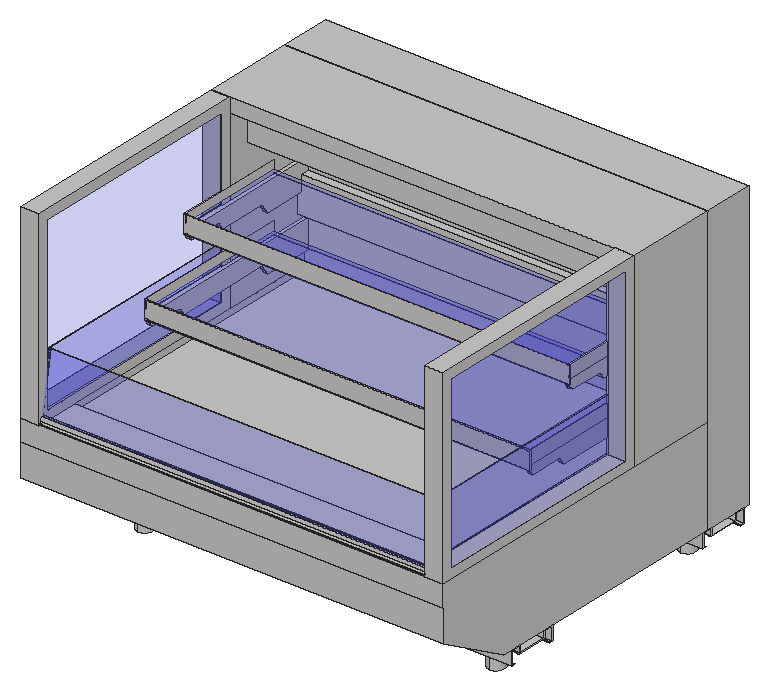
Revit family "QF_OSCARTEK_LA_CROSSE_SS_A2-1150_cat", category Specialty Equipment, Revit 2026
Family settings
  Round Connector Dimension = Use Diameter
  Part Type = Normal
  Work Plane-Based = No
  Enable Cutting in Views = No
  Always vertical = Yes
  Cut with Voids When Loaded = No
  Maintain Annotation Orientation = No
  Shared = No
  Room Calculation Point = No
Parameters
  Weight in Pounds = 330
  Watts = Volts * FL Amps  # 416 W
  Waste Water Discharge Temperature = -459.67 °F
  Volts = 208 V
  URL Cutsheet = ""
  Specification by User = ""
  Specification by Manufacturer = ""
  Serial Number = ""
  Seismic Rating = ""
  SMACNA No = ""
  Revision Code = ""
  Refrigerant Volume = 0.00 kip
  Refrigerant Type = "R404A"
  Phase = 1
  Number of Poles = 1
  NAFEM Spec ID Number = ""
  Model = "LA CROSSE SS A2-1150"
  Min Ckt Ampacity = 0 A
  Max Overcurrent Protection = 0 A
  Masterspec = ""
  Manufacturer = "OSCARTEK"
  Length = 45 1/4"
  Item Number = ""
  Installed By = ""
  Indirect Waste Size = 1/4"
  Indirect Waste Flow = 0 GPM
  Indirect Waste Connection Type = ""
  Indirect Waste Connection Height = 0"
  Identify Quantity as Lot = yes
  Height = 34 5/8"
  HP = ""
  Furnished By = ""
  Foodservice Equipment Identifier = yes
  FL Amps = 2 A
  Electrical Remarks = ""
  Electric Connection Type = ""
  Elec Conn RI Height = 0"
  Elec Conn Connection Height = 0"
  Description = "SELF SERVE SHOWCASE"
  Depth = 40 13/16"
  Default Elevation = 0"
  Cycle = 60 Hz
  Conn Plug = ""
  Conn Conduit = yes
  CSI MasterFormat = ""
  BTUH = 5680.0 Btu/h
  Apparent Power = 0 VA
Reference planes (in)
  plane 1 "BACK": y = 0
  plane 2: z = 0
  plane 3 "LEFT": x = 0
  plane 4 "RIGHT": x = 45.25
  plane 5 "FRONT": y = -40.8125
  plane 6 "TOP": z = 34.625
  plane 7 "Center Y": x = 22.625
  plane 8 "Center X": y = -20.40625
  plane 9: x = 3.8125
  plane 10: x = 41.4375
  plane 11: x = 43.25
  plane 12: x = 43.125
Forms (in)
  Extrusion 1, solid, material "QF_Metal - Stainless - Polished"
    sketch origin (0, 0, 0) x (0, 1, 0) y (0, 0, 1)
      loop
        line (-40.8125, 12.07899) -> (-40.76919, 12.07899) -> (-40.76919, 8.625) -> (-32.70034, 4) -> (-5.43318, 4) -> (-5.43318, 13.63219) -> (-36.00463, 13.63219) -> (-36.00463, 14.38219) -> (-40.8125, 14.38219) -> (-40.8125, 12.07899)
    from 0 to 45.25
  Extrusion 2, solid, material "QF_Metal - Stainless - Polished"
    sketch origin (0, 0, 0) x (0, 1, 0) y (0, 0, 1)
      loop
        line (-13.02439, 33.10018) -> (-13.02439, 29.40326) -> (-11.33144, 29.40326) -> (-11.33144, 29.9072) -> (-5.43318, 29.9072) -> (-5.43318, 34.625) -> (-15.25, 34.625) -> (-15.25, 33.10018) -> (-13.02439, 33.10018)
    from 2 to 43.25
  Extrusion 3, solid, material "QF_Metal - Stainless - Polished"
    sketch origin (0, 0, 0) x (0, 1, 0) y (0, 0, 1)
      loop
        line (-40.52265, 15.14762) -> (-40.60988, 15.163) -> (-40.68061, 14.76191) -> (-40.77077, 14.51418)
        arc (-40.77077, 14.51418) -> (-40.76811, 14.49397) -> (-40.75003, 14.48455) r 0.02208
        line (-40.75003, 14.48455) -> (-40.65502, 14.48455) -> (-40.65502, 14.38219) -> (-39.75342, 14.38219) -> (-39.75342, 14.48062) -> (-40.20054, 14.48062)
        arc (-40.20054, 14.48062) -> (-40.25833, 14.50756) -> (-40.27483, 14.56915) r 0.07544
        line (-40.27483, 14.56915) -> (-40.18338, 15.08779) -> (-40.27062, 15.10318) -> (-40.36634, 14.56036) -> (-40.61836, 14.6048) -> (-40.52265, 15.14762)
    from 1.9375 to 43.25
  Extrusion 4, solid, material "Glass"
    sketch origin (0, 0, 0) x (0, 1, 0) y (0, 0, 1)
      loop
        line (-39.43674, 21.19275) -> (-40.59897, 14.60138) -> (-40.36634, 14.56036) -> (-39.2041, 21.15173) -> (-39.43674, 21.19275)
    from 2 to 43.25
  Extrusion 5, solid, material "Glass"
    sketch origin (43.25, 0, 0) x (0, -1, 0) y (0, 0, 1)
      loop
        line (39.15589, 21.15173) -> (16.37459, 21.15173) -> (16.37459, 15.38219) -> (39.75342, 15.38219) -> (39.75342, 17.81445) -> (39.15589, 21.15173)
    from 0 to -0.125
  Extrusion 6, solid, material "QF_Metal - Stainless - Polished"
    sketch origin (0, 0, 0) x (0, 1, 0) y (0, 0, 1)
      loop
        line (0, 22.48078) -> (0, 23.22883) -> (-4.68514, 23.22883) -> (-4.68514, 22.48078) -> (0, 22.48078)
      loop
        line (0, 33.87866) -> (0, 34.625) -> (-5.43318, 34.625) -> (-5.43318, 33.87866) -> (0, 33.87866)
      loop
        line (0, 13.25) -> (0, 14.01604) -> (-4.68514, 14.01604) -> (-4.68514, 13.25) -> (0, 13.25)
      loop
        line (0, 4) -> (0, 4.76388) -> (-5.43318, 4.76388) -> (-5.43318, 4) -> (0, 4)
    from 0 to 45.25
  Extrusion 7, solid, material "Glass"
    sketch origin (0, 0, 0) x (0, 1, 0) y (0, 0, 1)
      loop
        line (-21.31713, 25.24116) -> (-21.31713, 24.84745) -> (-9.56713, 24.84745) -> (-9.56713, 25.24116) -> (-21.31713, 25.24116)
    from 2 to 43.125
  Extrusion 8, solid, material "QF_Metal - Stainless - Polished"
    sketch origin (0, -0.02623, 0) x (0, 1, 0) y (0, 0, 1)
      loop
        arc (-21.35783, 24.24135) -> (-21.32436, 24.20789) -> (-21.2909, 24.24135) r 0.03346
        line (-21.2909, 24.24135) -> (-21.2909, 26.13005)
        arc (-21.2909, 26.13005) -> (-21.32436, 26.16352) -> (-21.35783, 26.13005) r 0.03346
        line (-21.35783, 26.13005) -> (-21.35783, 24.24135)
    from 2 to 43.25
  Extrusion 9, solid, material "Glass"
    sketch origin (0, -5.31507, -5.87807) x (0, 1, 0) y (0, 0, 1)
      loop
        line (-21.31456, 25.24116) -> (-21.31456, 24.84745) -> (-4.25206, 24.84745) -> (-4.25206, 25.24116) -> (-21.31456, 25.24116)
    from 2 to 43.125
  Extrusion 10, solid, material "QF_Metal - Stainless - Polished"
    sketch origin (0, -5.33873, -5.87807) x (0, 1, 0) y (0, 0, 1)
      loop
        arc (-21.35783, 24.24135) -> (-21.32436, 24.20789) -> (-21.2909, 24.24135) r 0.03346
        line (-21.2909, 24.24135) -> (-21.2909, 26.13005)
        arc (-21.2909, 26.13005) -> (-21.32436, 26.16352) -> (-21.35783, 26.13005) r 0.03346
        line (-21.35783, 26.13005) -> (-21.35783, 24.24135)
    from 2 to 43.25
  Extrusion 11, solid, material "QF_Metal - Stainless - Polished"
    sketch origin (0, 0, 0) x (1, 0, 0) y (0, 0, 1)
      loop
        line (45.25, 4.76388) -> (45.25, 33.87866) -> (44.18761, 33.87866) -> (44.18761, 4.76388) -> (45.25, 4.76388)
      loop
        line (0, 4.76388) -> (1.06239, 4.76388) -> (1.06239, 33.87866) -> (0, 33.87866) -> (0, 4.76388)
    from 0 to 5.43318
  Extrusion 12, solid, material "QF_Metal - Stainless - Polished"
    sketch origin (0, -5.43318, 0) x (1, 0, 0) y (0, 0, 1)
      loop
        line (44.18761, 33.87866) -> (1.06239, 33.87866) -> (1.06239, 4.76388) -> (44.18761, 4.76388) -> (44.18761, 33.87866)
    from 0 to -0.74805
  Extrusion 13, solid, material "QF_Metal - Stainless - Polished"
    sketch origin (0, 0, 0) x (0, 1, 0) y (0, 0, 1)
      loop
        line (-6.37021, 19.60671) -> (-5.43318, 19.60671) -> (-5.43318, 23.5438) -> (-6.37021, 23.5438) -> (-6.37021, 19.60671)
    from 1.56239 to 43.25
  Extrusion 14, solid, material "QF_Metal - Stainless - Polished"
    sketch origin (0, -36.00463, 13.63219) x (0, 1, 0) y (-1, 0, 0)
      loop
        line (30.57144, 0) -> (0, 0) -> (0, -2) -> (30.57144, -2) -> (30.57144, 0)
      loop
        line (30.57144, -45.25) -> (30.57144, -43.25) -> (0, -43.25) -> (0, -45.25) -> (30.57144, -45.25)
    from 0 to 0.75
  Extrusion 15, solid, material "QF_Metal - Stainless - Polished"
    sketch origin (0, -5.33873, -5.87807) x (0, 1, 0) y (0, 0, 1)
      loop
        line (-20.89719, 25.24317) -> (-20.89719, 25.27656) -> (-21.2909, 25.27656) -> (-21.2909, 25.24317) -> (-20.89719, 25.24317)
      loop
        line (-20.89719, 24.822) -> (-21.2909, 24.822) -> (-21.2909, 24.78861) -> (-20.89719, 24.78861) -> (-20.89719, 24.822)
    from 2 to 43.25
  Extrusion 16, solid, material "QF_Metal - Stainless - Polished"
    sketch origin (0, -0.02623, 0) x (0, 1, 0) y (0, 0, 1)
      loop
        line (-20.89719, 25.24317) -> (-20.89719, 25.27656) -> (-21.2909, 25.27656) -> (-21.2909, 25.24317) -> (-20.89719, 25.24317)
      loop
        line (-20.89719, 24.822) -> (-21.2909, 24.822) -> (-21.2909, 24.78861) -> (-20.89719, 24.78861) -> (-20.89719, 24.822)
    from 2 to 43.25
  Revolve 17, solid, material "QF_Metal - Stainless - Polished"
    sketch origin (3.8125, 0, 0) x (0, 1, 0) y (0, 0, 1)
      loop
        line (-30.11939, 3.21267) -> (-30.11939, 3.10046) -> (-30.06401, 3.10046) -> (-30.06401, 3.05509)
        arc (-30.06401, 3.05509) -> (-30.05875, 3.03391) -> (-30.04064, 3.02172) r 0.03038
        line (-30.04064, 3.02172) -> (-30.04064, 1.63283)
        arc (-30.04064, 1.63283) -> (-30.00733, 1.53608) -> (-29.92151, 1.48035) r 0.15715
        line (-29.92151, 1.48035) -> (-29.80442, 1.48035) -> (-29.80442, 0) -> (-28.93531, 0) -> (-28.93531, 3.21267) -> (-30.11939, 3.21267)
      axis (-28.93531, 3.21267) -> (-28.93531, 0)
    angle from 0 to 360
  Revolve 18, solid, material "QF_Metal - Stainless - Polished"
    sketch origin (3.8125, 25.59173, 0) x (0, 1, 0) y (0, 0, 1)
      loop
        line (-30.11939, 3.21267) -> (-30.11939, 3.10046) -> (-30.06401, 3.10046) -> (-30.06401, 3.05509)
        arc (-30.06401, 3.05509) -> (-30.05875, 3.03391) -> (-30.04064, 3.02172) r 0.03038
        line (-30.04064, 3.02172) -> (-30.04064, 1.63283)
        arc (-30.04064, 1.63283) -> (-30.00733, 1.53608) -> (-29.92151, 1.48035) r 0.15715
        line (-29.92151, 1.48035) -> (-29.80442, 1.48035) -> (-29.80442, 0) -> (-28.93531, 0) -> (-28.93531, 3.21267) -> (-30.11939, 3.21267)
      axis (-28.93531, 3.21267) -> (-28.93531, 0)
    angle from 0 to 360
  Extrusion 19, solid, material "QF_Metal - Stainless - Polished"
    sketch origin (0, 0, 0) x (0, 1, 0) y (0, 0, 1)
      loop
        line (-30.54262, 3.21267) -> (-27.32799, 3.21267)
        arc (-27.32799, 3.21267) -> (-27.28066, 3.23227) -> (-27.26106, 3.2796) r 0.06693
        line (-27.26106, 3.2796) -> (-27.26106, 3.95678) -> (-26.24135, 3.95678) -> (-26.24135, 2.54336) -> (-26.60356, 2.54336) -> (-26.60356, 2.4843) -> (-26.1823, 2.4843) -> (-26.1823, 4) -> (-27.32012, 4) -> (-27.32012, 3.27172) -> (-30.55049, 3.27172) -> (-30.55049, 4) -> (-31.68832, 4) -> (-31.68832, 2.4843) -> (-31.26705, 2.4843) -> (-31.26705, 2.54336) -> (-31.62926, 2.54336) -> (-31.62926, 3.95678) -> (-30.60955, 3.95678) -> (-30.60955, 3.2796)
        arc (-30.60955, 3.2796) -> (-30.58995, 3.23227) -> (-30.54262, 3.21267) r 0.06693
    from 0 to 45.25
  Extrusion 20, solid, material "QF_Metal - Stainless - Polished"
    sketch origin (0, 25.61898, 0) x (0, 1, 0) y (0, 0, 1)
      loop
        line (-30.54262, 3.21267) -> (-27.32799, 3.21267)
        arc (-27.32799, 3.21267) -> (-27.28066, 3.23227) -> (-27.26106, 3.2796) r 0.06693
        line (-27.26106, 3.2796) -> (-27.26106, 3.95678) -> (-26.24135, 3.95678) -> (-26.24135, 2.54336) -> (-26.60356, 2.54336) -> (-26.60356, 2.4843) -> (-26.1823, 2.4843) -> (-26.1823, 4) -> (-27.32012, 4) -> (-27.32012, 3.27172) -> (-30.55049, 3.27172) -> (-30.55049, 4) -> (-31.68832, 4) -> (-31.68832, 2.4843) -> (-31.26705, 2.4843) -> (-31.26705, 2.54336) -> (-31.62926, 2.54336) -> (-31.62926, 3.95678) -> (-30.60955, 3.95678) -> (-30.60955, 3.2796)
        arc (-30.60955, 3.2796) -> (-30.58995, 3.23227) -> (-30.54262, 3.21267) r 0.06693
    from 0 to 45.25
  Revolve 21, solid, material "QF_Metal - Stainless - Polished"
    sketch origin (41.4375, 0, 0) x (0, 1, 0) y (0, 0, -1)
      loop
        line (-30.11939, -3.21267) -> (-28.93531, -3.21267) -> (-28.93531, 0) -> (-29.80442, 0) -> (-29.80442, -1.48035) -> (-29.92151, -1.48035)
        arc (-29.92151, -1.48035) -> (-30.00733, -1.53608) -> (-30.04064, -1.63283) r 0.15715
        line (-30.04064, -1.63283) -> (-30.04064, -3.02172)
        arc (-30.04064, -3.02172) -> (-30.05875, -3.03391) -> (-30.06401, -3.05509) r 0.03038
        line (-30.06401, -3.05509) -> (-30.06401, -3.10046) -> (-30.11939, -3.10046) -> (-30.11939, -3.21267)
      axis (-28.93531, -3.21267) -> (-28.93531, 0)
    angle from 0 to 360
  Revolve 22, solid, material "QF_Metal - Stainless - Polished"
    sketch origin (41.4375, 25.59173, 0) x (0, 1, 0) y (0, 0, -1)
      loop
        line (-30.11939, -3.21267) -> (-28.93531, -3.21267) -> (-28.93531, 0) -> (-29.80442, 0) -> (-29.80442, -1.48035) -> (-29.92151, -1.48035)
        arc (-29.92151, -1.48035) -> (-30.00733, -1.53608) -> (-30.04064, -1.63283) r 0.15715
        line (-30.04064, -1.63283) -> (-30.04064, -3.02172)
        arc (-30.04064, -3.02172) -> (-30.05875, -3.03391) -> (-30.06401, -3.05509) r 0.03038
        line (-30.06401, -3.05509) -> (-30.06401, -3.10046) -> (-30.11939, -3.10046) -> (-30.11939, -3.21267)
      axis (-28.93531, -3.21267) -> (-28.93531, 0)
    angle from 0 to 360
  Extrusion 23, solid, material "QF_Metal - Stainless - Polished"
    sketch origin (0, 0, 0) x (1, 0, 0) y (0, 1, 0)
      loop
        circle (4.91848, -19.95021) r 0.64924
      loop
        circle (40.33152, -19.95021) r 0.64924
      loop
        circle (4.32826, -2.6448) r 0.3125
      loop
        circle (40.92174, -2.6448) r 0.1875
    from 3.875 to 4
  Extrusion 24, solid, material "QF_Metal - Stainless - Polished"
    sketch origin (0, -4.68514, 0) x (-1, 0, 0) y (0, 0, 1)
      loop
        circle (-6.8125, 18.1689) r 0.25
    from 0 to 0.125
  Extrusion 25, solid, material "QF_Metal - Stainless - Polished"
    sketch origin (0.93761, 0, 0) x (0, 1, 0) y (0, 0, 1)
      loop
        line (-21.31713, 24.04697) -> (-21.04094, 23.65254) -> (-17.35007, 23.65254) -> (-16.80836, 22.8789) -> (-11.58258, 22.8789) -> (-10.79333, 21.76274) -> (-5.43318, 21.76274) -> (-5.43318, 24.78839) -> (-21.31713, 24.78839) -> (-21.31713, 24.04697)
    from 1.06239 to 1.56239
  Extrusion 26, solid, material "QF_Metal - Stainless - Polished"
    sketch origin (2, 0, 0) x (0, 1, 0) y (0, 0, 1)
      loop
        line (-21.2909, 25.27265) -> (-9.56713, 25.27265) -> (-9.56713, 26.16637) -> (-21.2909, 26.16637) -> (-21.2909, 25.27265)
    from 0 to 0.125
  Extrusion 27, solid, material "QF_Metal - Stainless - Polished"
    sketch origin (0.93761, -5.31507, -5.87807) x (0, 1, 0) y (0, 0, 1)
      loop
        line (-21.24759, 24.04697) -> (-20.9714, 23.65254) -> (-17.35007, 23.65254) -> (-16.80836, 22.8789) -> (-6.2675, 22.8789) -> (-5.47826, 21.76274) -> (-0.11811, 21.76274) -> (-0.11811, 24.78839) -> (-21.24759, 24.78839) -> (-21.24759, 24.04697)
    from 1.06239 to 1.56239
  Extrusion 28, solid, material "QF_Metal - Stainless - Polished"
    sketch origin (2, -5.31507, -5.87807) x (0, 1, 0) y (0, 0, 1)
      loop
        line (-21.31456, 25.27265) -> (-4.25206, 25.27265) -> (-4.25206, 26.16637) -> (-21.31456, 26.16637) -> (-21.31456, 25.27265)
    from 0 to 0.125
  Extrusion 29, solid, material "QF_Metal - Stainless - Polished"
    sketch origin (0.93761, 0, 0) x (0, 1, 0) y (0, 0, 1)
      loop
        line (-21.31713, 24.04697) -> (-21.04094, 23.65254) -> (-17.35007, 23.65254) -> (-16.80836, 22.8789) -> (-11.58258, 22.8789) -> (-10.79333, 21.76274) -> (-5.43318, 21.76274) -> (-5.43318, 24.78839) -> (-21.31713, 24.78839) -> (-21.31713, 24.04697)
    from 1.06239 to 1.56239
  Extrusion 30, solid, material "QF_Metal - Stainless - Polished"
    sketch origin (2, 0, 0) x (0, 1, 0) y (0, 0, 1)
      loop
        line (-21.2909, 25.27265) -> (-9.56713, 25.27265) -> (-9.56713, 26.16637) -> (-21.2909, 26.16637) -> (-21.2909, 25.27265)
    from 0 to 0.125
  Extrusion 31, solid, material "QF_Metal - Stainless - Polished"
    sketch origin (0.93761, -5.31507, -5.87807) x (0, 1, 0) y (0, 0, 1)
      loop
        line (-21.24759, 24.04697) -> (-20.9714, 23.65254) -> (-17.35007, 23.65254) -> (-16.80836, 22.8789) -> (-6.2675, 22.8789) -> (-5.47826, 21.76274) -> (-0.11811, 21.76274) -> (-0.11811, 24.78839) -> (-21.24759, 24.78839) -> (-21.24759, 24.04697)
    from 1.06239 to 1.56239
  Extrusion 32, solid, material "QF_Metal - Stainless - Polished"
    sketch origin (2, -5.31507, -5.87807) x (0, 1, 0) y (0, 0, 1)
      loop
        line (-21.31456, 25.27265) -> (-4.25206, 25.27265) -> (-4.25206, 26.16637) -> (-21.31456, 26.16637) -> (-21.31456, 25.27265)
    from 0 to 0.125
  Extrusion 33, solid, material "QF_Metal - Stainless - Polished"
    sketch origin (43.25, -180, 31.60018) x (0, 0, -1) y (0, -1, 0)
      loop
        line (6.81179, -158.68287) -> (5.43381, -158.68287) -> (5.43381, -170.43287) -> (6.81179, -170.43287) -> (6.81179, -158.68287)
    from 0.125 to 0
  Extrusion 34, solid, material "QF_Metal - Stainless - Polished"
    sketch origin (43.25, -180, 31.60018) x (0, 0, -1) y (0, -1, 0)
      loop
        line (12.68987, -153.37037) -> (11.31189, -153.37037) -> (11.31189, -170.43287) -> (12.68987, -170.43287) -> (12.68987, -153.37037)
    from 0.125 to 0
  Extrusion 35, solid, material "QF_Metal - Stainless - Polished"
    sketch origin (43.25, -180, 31.60018) x (0, 0, -1) y (0, -1, 0)
      loop
        line (7.55321, -158.68287) -> (6.81179, -158.68287) -> (6.81179, -174.56682) -> (9.83745, -174.56682) -> (9.83745, -169.20667) -> (8.72128, -168.41742) -> (8.72128, -163.19164) -> (7.94764, -162.64993) -> (7.94764, -158.95906) -> (7.55321, -158.68287)
    from 0 to 0.5
  Extrusion 36, solid, material "QF_Metal - Stainless - Polished"
    sketch origin (43.25, -180, 31.60018) x (0, 0, -1) y (0, -1, 0)
      loop
        line (13.43128, -153.43734) -> (12.68987, -153.43734) -> (12.68987, -174.56682) -> (15.71552, -174.56682) -> (15.71552, -169.20667) -> (14.59936, -168.41742) -> (14.59936, -157.87657) -> (13.82572, -157.33486) -> (13.82572, -153.71352) -> (13.43128, -153.43734)
    from 0 to 0.5
  Extrusion 37, solid, material "Glass"
    sketch origin (45.25, 0, 0) x (0, -1, 0) y (0, 0, 1)
      loop
        line (16.37459, 33.625) -> (16.37459, 15.38219) -> (39.8125, 15.38219) -> (39.8125, 33.625) -> (16.37459, 33.625)
    from 0 to 1.875
  Extrusion 38, solid, material "QF_Metal - Stainless - Polished"
    sketch origin (45.25, 0, 0) x (0, -1, 0) y (0, 0, 1)
      loop
        line (15.25, 14.38219) -> (40.8125, 14.38219) -> (40.8125, 34.625) -> (15.25, 34.625) -> (15.25, 14.38219)
      loop
        line (16.37459, 15.38219) -> (39.8125, 15.38219) -> (39.8125, 33.625) -> (16.37459, 33.625) -> (16.37459, 15.38219)
    from 0 to 2
  Extrusion 39, solid, material "Glass", not visible
    sketch origin (46.25, 0, 0) x (0, -1, 0) y (0, 0, 1)
      loop
        line (16.37459, 33.625) -> (16.37459, 15.38219) -> (39.8125, 15.38219) -> (39.8125, 33.625) -> (16.37459, 33.625)
    from 0 to 2
  Extrusion 40, solid, material "QF_Metal - Stainless - Polished", not visible
    sketch origin (46.25, 0, 0) x (0, -1, 0) y (0, 0, 1)
      loop
        line (15.25, 14.38219) -> (40.8125, 14.38219) -> (40.8125, 34.625) -> (15.25, 34.625) -> (15.25, 14.38219)
      loop
        line (16.37459, 15.38219) -> (39.8125, 15.38219) -> (39.8125, 33.625) -> (16.37459, 33.625) -> (16.37459, 15.38219)
    from 0 to 2
  Extrusion 41, solid, material "Glass"
    sketch origin (2, 0, 0) x (0, -1, 0) y (0, 0, 1)
      loop
        line (16.37459, 33.625) -> (16.37459, 15.38219) -> (39.8125, 15.38219) -> (39.8125, 33.625) -> (16.37459, 33.625)
    from 0.125 to 2
  Extrusion 42, solid, material "QF_Metal - Stainless - Polished"
    sketch origin (2, 0, 0) x (0, -1, 0) y (0, 0, 1)
      loop
        line (15.25, 14.38219) -> (40.8125, 14.38219) -> (40.8125, 34.625) -> (15.25, 34.625) -> (15.25, 14.38219)
      loop
        line (16.37459, 15.38219) -> (39.8125, 15.38219) -> (39.8125, 33.625) -> (16.37459, 33.625) -> (16.37459, 15.38219)
    from 0 to 2
  Extrusion 43, solid, material "Glass"
    sketch origin (2, 0, 0) x (0, 1, 0) y (0, 0, 1)
      loop
        line (-39.15589, 21.15173) -> (-39.8125, 17.4845) -> (-39.8125, 14.38219) -> (-16.37459, 14.38219) -> (-16.37459, 21.15173) -> (-39.15589, 21.15173)
    from 0 to -0.125
  Extrusion 44, solid, material "QF_Metal - Stainless - Polished"
    sketch origin (45.25, 0, 0) x (0, -1, 0) y (0, 0, 1)
      loop
        line (15.25, 14.38219) -> (15.25, 34.625) -> (5.43318, 34.625) -> (5.43318, 14.38219) -> (15.25, 14.38219)
    from 0 to 2
  Extrusion 45, solid, material "QF_Metal - Stainless - Polished"
    sketch origin (2, 0, 0) x (0, -1, 0) y (0, 0, 1)
      loop
        line (15.25, 14.38219) -> (15.25, 34.625) -> (5.43318, 34.625) -> (5.43318, 14.38219) -> (15.25, 14.38219)
    from 0 to 2
Cuts and joins
  joined: Extrusion 6, Extrusion 11
  joined: Extrusion 1, Extrusion 14
  joined: Extrusion 16, Extrusion 33
  joined: Extrusion 15, Extrusion 34
  joined: Extrusion 2, Extrusion 44, Extrusion 45
Lines and regions (in)
  symbolic lines
    curve 1: line (0, -40.8125, 0) -> (45.25, -40.8125, 0)
    curve 2: line (0, 0, 0) -> (0, -40.8125, 0)
    curve 3: line (45.25, 0, 0) -> (0, 0, 0)
    curve 4: line (45.25, -40.8125, 0) -> (45.25, 0, 0)
    curve 5: line (0, -5.43318, 0) -> (45.25, -5.43318, 0)
    curve 6: line (0, -15.25, 0) -> (45.25, -15.25, 0)
    curve 7: line (2, -36.00463, 0) -> (43.25, -36.00463, 0)
    curve 8: line (43.25, -40.8125, 0) -> (43.25, -15.25, 0)
    curve 9: line (2, -39.43674, 0) -> (43.25, -39.43674, 0)
    curve 10: line (43.25, -39.2041, 0) -> (2, -39.2041, 0)
    curve 11: line (2, -40.8125, 0) -> (2, -15.25, 0)
    curve 12: line (2, -26.69656, 0) -> (43.25, -26.69656, 0)
    curve 13: line (2, -21.38406, 0) -> (43.25, -21.38406, 0)
    curve 14: line (43.25, -26.62963, 0) -> (2, -26.62963, 0)
    curve 15: line (2.125, -26.62963, 0) -> (2.125, -21.38406, 0)
    curve 16: line (43.125, -26.62963, 0) -> (43.125, -21.38406, 0)
    curve 17: line (2.125, -20.92342, 0) -> (43.125, -20.92342, 0)
    curve 18: line (43.125, -26.23592, 0) -> (2.125, -26.23592, 0)
    curve 19: line (2, -21.31713, 0) -> (43.25, -21.31713, 0)
    curve 20: line (43.125, -21.31713, 0) -> (43.125, -15.25, 0)
    curve 21: line (2.125, -21.31713, 0) -> (2.125, -15.25, 0)
    curve 22: line (2, -40.52265, 0) -> (43.25, -40.52265, 0)
    curve 23: line (2, -40.68061, 0) -> (43.25, -40.68061, 0)
Dimensions and locks (in)
  equal spacing: plane 3 "LEFT", plane 7 "Center Y", plane 4 "RIGHT"
  "Length": plane 3 "LEFT" to plane 4 "RIGHT"
  equal spacing: plane 5 "FRONT", plane 8 "Center X", plane 1 "BACK"
  "Depth": plane 5 "FRONT" to plane 1 "BACK"
  "Height": plane 6 "TOP" to level
  cut or joined group of Extrusion 6, Extrusion 11 to plane 6 "TOP" = 30 5/8"
  Extrusion 12 to cut or joined group of Extrusion 6, Extrusion 11 = 4.68514"
  level to cut or joined group of Extrusion 6, Extrusion 11 = 13 1/4"
  level to cut or joined group of Extrusion 6, Extrusion 11 = 4"
  Extrusion 1 to plane 1 "BACK" = 40 13/16"
  Extrusion 1 to level = 8 5/8"
  level to Extrusion 3 = 14.38219"
  plane 6 "TOP" to level = 34 5/8"
  Extrusion 19 to Extrusion 20 = 31 1/8"
  plane 9 to plane 3 "LEFT" = 3 13/16"
  plane 10 to plane 4 "RIGHT" = 3 13/16"
  locked: plane 11 to plane 4 "RIGHT" at 2
  locked: plane 12 to plane 11 at 0.125
  aligned and locked: level to plane 2
  aligned and locked: Extrusion 1 to plane 4 "RIGHT"
  aligned and locked: Extrusion 6 to plane 4 "RIGHT"
  aligned and locked: Extrusion 19 to plane 4 "RIGHT"
  aligned and locked: Extrusion 20 to plane 4 "RIGHT"
  aligned and locked: plane 9 to Revolve 17
  aligned and locked: plane 9 to Revolve 18
  aligned and locked: plane 10 to Revolve 21
  aligned and locked: plane 10 to Revolve 22
  aligned and locked: Extrusion 8 to plane 11
  aligned and locked: Extrusion 16 to plane 11
  aligned and locked: Extrusion 10 to plane 11
  aligned and locked: Extrusion 15 to plane 11
  aligned and locked: plane 12 to cut or joined group of Extrusion 16, Extrusion 33
  aligned and locked: plane 12 to cut or joined group of Extrusion 15, Extrusion 34
  aligned and locked: Extrusion 7 to plane 12
  aligned and locked: Extrusion 9 to plane 12
  aligned and locked: Extrusion 38 to plane 4 "RIGHT"
  aligned and locked: Extrusion 2 to Extrusion 38
  aligned and locked: Extrusion 13 to plane 11
  aligned and locked: Extrusion 4 to plane 11
  aligned and locked: Extrusion 3 to plane 11
  aligned and locked: Extrusion 4 to Extrusion 42
Automatic sketch dimensions
  Extrusion 37 sketch curve to Extrusion 37 sketch curve = 23.43791"
  Extrusion 37 sketch curve to Extrusion 37 sketch curve = 18.24281"
  Extrusion 39 sketch curve to Extrusion 39 sketch curve = 23.43791"
  Extrusion 39 sketch curve to Extrusion 39 sketch curve = 18.24281"
  Extrusion 41 sketch curve to Extrusion 41 sketch curve = 23.43791"
  Extrusion 41 sketch curve to Extrusion 41 sketch curve = 18.24281"
  Extrusion 1 sketch curve to plane 5 "FRONT" = 0"
  Extrusion 1 sketch curve to plane 5 "FRONT" = 0.04331"
  Extrusion 1 sketch curve to plane 5 "FRONT" = 4.80787"
  level to Extrusion 1 sketch curve = 4"
  Extrusion 1 sketch curve to plane 5 "FRONT" = 8.11216"
  plane 1 "BACK" to Extrusion 1 sketch curve = 5.43318"
  level to Extrusion 1 sketch curve = 8 5/8"
  Extrusion 1 sketch curve to Extrusion 1 sketch curve = 3.45399"
  Extrusion 1 sketch curve to Extrusion 1 sketch curve = 1.5532"
  Extrusion 1 sketch curve to Extrusion 1 sketch curve = 3/4"
  Extrusion 2 sketch curve to plane 6 "TOP" = 0"
  Extrusion 2 sketch curve to plane 6 "TOP" = 1.52482"
  plane 8 "Center X" to Extrusion 2 sketch curve = 5 5/32"
  Extrusion 2 sketch curve to Extrusion 2 sketch curve = 2.22561"
  Extrusion 2 sketch curve to Extrusion 2 sketch curve = 1.69295"
  plane 1 "BACK" to Extrusion 2 sketch curve = 5.43318"
  Extrusion 2 sketch curve to plane 6 "TOP" = 4.7178"
  Extrusion 2 sketch curve to Extrusion 2 sketch curve = 0.50395"
  Extrusion 3 sketch curve to plane 5 "FRONT" = 0.04173"
  Extrusion 3 sketch curve to Extrusion 3 sketch curve = 0.02074"
  Extrusion 3 sketch curve to plane 5 "FRONT" = 0.13189"
  Extrusion 3 sketch curve to Extrusion 3 sketch curve = 0.09501"
  Extrusion 3 sketch curve to Extrusion 3 sketch curve = 0.03666"
  Extrusion 3 sketch curve to plane 5 "FRONT" = 0.20262"
  Extrusion 3 sketch curve to Extrusion 3 sketch curve = 0.08724"  (x2)
  Extrusion 3 sketch curve to Extrusion 3 sketch curve = 0.25202"  (x2)
  Extrusion 3 sketch curve to Extrusion 3 sketch curve = 0.0915"
  Extrusion 3 sketch curve to Extrusion 3 sketch curve = 0.07429"
  Extrusion 3 sketch curve to Extrusion 3 sketch curve = 0.44712"
  level to Extrusion 3 sketch curve = 14.38219"
  Extrusion 3 sketch curve to Extrusion 3 sketch curve = 0.09843"
  Extrusion 3 sketch curve to Extrusion 3 sketch curve = 0.10236"
  Extrusion 3 sketch curve to Extrusion 3 sketch curve = 0.02208"
  Extrusion 3 sketch curve to Extrusion 3 sketch curve = 0.07544"
  Extrusion 3 sketch curve to Extrusion 3 sketch curve = 0.00879"
  Extrusion 3 sketch curve to Extrusion 3 sketch curve = 0.12024"
  Extrusion 3 sketch curve to Extrusion 3 sketch curve = 0.15712"
  Extrusion 4 sketch curve to plane 5 "FRONT" = 0.21353"
  Extrusion 4 sketch curve to Extrusion 4 sketch curve = 0.23264"  (x2)
  Extrusion 4 sketch curve to plane 5 "FRONT" = 1.37576"
  level to Extrusion 4 sketch curve = 14.56036"
  Extrusion 4 sketch curve to Extrusion 4 sketch curve = 0.04102"  (x2)
  Extrusion 4 sketch curve to Extrusion 4 sketch curve = 6.59137"
  Extrusion 6 sketch curve to plane 6 "TOP" = 0"
  Extrusion 6 sketch curve to plane 1 "BACK" = 0"  (x4)
  Extrusion 6 sketch curve to Extrusion 6 sketch curve = 4.68514"  (x2)
  Extrusion 6 sketch curve to Extrusion 6 sketch curve = 5.43318"  (x2)
  Extrusion 6 sketch curve to plane 6 "TOP" = 0.74634"
  Extrusion 6 sketch curve to Extrusion 6 sketch curve = 10.64983"
  Extrusion 6 sketch curve to Extrusion 6 sketch curve = 0.74805"
  Extrusion 6 sketch curve to Extrusion 6 sketch curve = 8.46474"
  Extrusion 6 sketch curve to Extrusion 6 sketch curve = 0.76604"
  level to Extrusion 6 sketch curve = 4.76388"
  Extrusion 6 sketch curve to Extrusion 6 sketch curve = 0.76388"
  Extrusion 7 sketch curve to plane 8 "Center X" = 0.91088"
  plane 1 "BACK" to Extrusion 7 sketch curve = 9.56713"
  Extrusion 7 sketch curve to plane 6 "TOP" = 9.77755"
  Extrusion 7 sketch curve to Extrusion 7 sketch curve = 0.39371"
  Extrusion 8 sketch curve to plane 8 "Center X" = 0.97781"
  Extrusion 8 sketch curve to Extrusion 8 sketch curve = 0.03346"
  Extrusion 8 sketch curve to plane 6 "TOP" = 10.38365"
  Extrusion 8 sketch curve to Extrusion 8 sketch curve = 1.8887"
  Extrusion 9 sketch curve to plane 8 "Center X" = 6.22338"
  plane 1 "BACK" to Extrusion 9 sketch curve = 9.56713"
  Extrusion 9 sketch curve to plane 6 "TOP" = 15.65563"
  Extrusion 9 sketch curve to Extrusion 9 sketch curve = 0.39371"
  Extrusion 10 sketch curve to plane 8 "Center X" = 6.29031"
  Extrusion 10 sketch curve to Extrusion 10 sketch curve = 0.03346"
  Extrusion 10 sketch curve to plane 6 "TOP" = 16 67/256"
  Extrusion 10 sketch curve to Extrusion 10 sketch curve = 1.8887"
  plane 1 "BACK" to Extrusion 13 sketch curve = 6.37021"
  Extrusion 13 sketch curve to Extrusion 13 sketch curve = 0.93703"
  Extrusion 13 sketch curve to plane 6 "TOP" = 15.01829"
  Extrusion 13 sketch curve to Extrusion 13 sketch curve = 3.93709"
  Extrusion 15 sketch curve to plane 8 "Center X" = 6.22338"
  Extrusion 15 sketch curve to Extrusion 15 sketch curve = 0"
  Extrusion 15 sketch curve to Extrusion 15 sketch curve = 0.39371"  (x2)
  Extrusion 15 sketch curve to plane 6 "TOP" = 15.71447"
  Extrusion 15 sketch curve to Extrusion 15 sketch curve = 0.03339"  (x2)
  Extrusion 15 sketch curve to Extrusion 15 sketch curve = 0.42117"
  Extrusion 16 sketch curve to plane 8 "Center X" = 0.91088"
  Extrusion 16 sketch curve to Extrusion 16 sketch curve = 0"
  Extrusion 16 sketch curve to Extrusion 16 sketch curve = 0.39371"  (x2)
  Extrusion 16 sketch curve to plane 6 "TOP" = 9.83639"
  Extrusion 16 sketch curve to Extrusion 16 sketch curve = 0.03339"  (x2)
  Extrusion 16 sketch curve to Extrusion 16 sketch curve = 0.42117"
  Revolve 17 sketch curve to level = 0"
  level to Revolve 17 sketch curve = 3.21267"
  Revolve 17 sketch curve to plane 8 "Center X" = 9.71314"
  Revolve 17 sketch curve to Revolve 17 sketch curve = 0.05537"
  Revolve 17 sketch curve to Revolve 17 sketch curve = 0.02337"
  Revolve 17 sketch curve to Revolve 17 sketch curve = 0.03014"
  Revolve 17 sketch curve to Revolve 17 sketch curve = 0.11913"
  Revolve 17 sketch curve to Revolve 17 sketch curve = 0.03802"
  Revolve 17 sketch curve to Revolve 17 sketch curve = 0.11709"
  Revolve 17 sketch curve to Revolve 17 sketch curve = 0.86911"
  level to Revolve 17 sketch curve = 1.48035"
  Revolve 17 sketch curve to Revolve 17 sketch curve = 0.19095"  (x2)
  Revolve 17 sketch curve to Revolve 17 sketch curve = 0.02961"
  Revolve 17 sketch curve to Revolve 17 sketch curve = 0.04537"
  Revolve 17 sketch curve to Revolve 17 sketch curve = 0"
  Revolve 17 sketch curve to Revolve 17 sketch curve = 1.22828"
  Revolve 18 sketch curve to level = 0"
  plane 1 "BACK" to Revolve 18 sketch curve = 4.52765"
  Revolve 18 sketch curve to Revolve 18 sketch curve = 0.05537"
  Revolve 18 sketch curve to Revolve 18 sketch curve = 0.02337"
  Revolve 18 sketch curve to Revolve 18 sketch curve = 0.03014"
  Revolve 18 sketch curve to Revolve 18 sketch curve = 0.11913"
  Revolve 18 sketch curve to Revolve 18 sketch curve = 0.15715"
  Revolve 18 sketch curve to Revolve 18 sketch curve = 0.11709"
  Revolve 18 sketch curve to Revolve 18 sketch curve = 0.86911"
  Revolve 18 sketch curve to Revolve 18 sketch curve = 1.48035"
  Revolve 18 sketch curve to Revolve 18 sketch curve = 1.38889"
  Revolve 18 sketch curve to Revolve 18 sketch curve = 0.02961"
  Revolve 18 sketch curve to Revolve 18 sketch curve = 0.04537"
  Revolve 18 sketch curve to Revolve 18 sketch curve = 0.16134"
  Revolve 18 sketch curve to Revolve 18 sketch curve = 0"
  Revolve 18 sketch curve to level = 1.22828"
  Revolve 18 sketch curve to Revolve 18 sketch curve = 0.19095"
  level to Extrusion 19 sketch curve = 2.4843"  (x2)
  Extrusion 19 sketch curve to plane 5 "FRONT" = 9.12418"
  Extrusion 19 sketch curve to Extrusion 19 sketch curve = 0.05906"  (x6)
  Extrusion 19 sketch curve to Extrusion 19 sketch curve = 0.36221"  (x2)
  Extrusion 19 sketch curve to Extrusion 19 sketch curve = 0.65749"
  Extrusion 19 sketch curve to Extrusion 19 sketch curve = 0.00787"  (x3)
  Extrusion 19 sketch curve to Extrusion 19 sketch curve = 3.21463"
  Extrusion 19 sketch curve to Extrusion 19 sketch curve = 0.72442"
  Extrusion 19 sketch curve to Extrusion 19 sketch curve = 0.66931"
  Extrusion 19 sketch curve to Extrusion 19 sketch curve = 0.67718"  (x2)
  Extrusion 19 sketch curve to Extrusion 19 sketch curve = 0.04322"  (x2)
  level to Extrusion 20 sketch curve = 2.4843"  (x2)
  plane 1 "BACK" to Extrusion 20 sketch curve = 6.06934"
  Extrusion 20 sketch curve to Extrusion 20 sketch curve = 0.05906"  (x6)
  Extrusion 20 sketch curve to Extrusion 20 sketch curve = 0.36221"  (x2)
  Extrusion 20 sketch curve to Extrusion 20 sketch curve = 0.65749"
  Extrusion 20 sketch curve to Extrusion 20 sketch curve = 0.00787"  (x3)
  plane 1 "BACK" to Extrusion 20 sketch curve = 1.70901"
  plane 1 "BACK" to Extrusion 20 sketch curve = 0.98458"
  Extrusion 20 sketch curve to Extrusion 20 sketch curve = 0.66931"
  Extrusion 20 sketch curve to Extrusion 20 sketch curve = 0.67718"  (x2)
  Extrusion 20 sketch curve to Extrusion 20 sketch curve = 0.04322"  (x2)
  Revolve 21 sketch curve to level = 0"
  level to Revolve 21 sketch curve = 3.21267"
  Revolve 21 sketch curve to plane 8 "Center X" = 9.71314"
  Revolve 21 sketch curve to Revolve 21 sketch curve = 0.05537"
  Revolve 21 sketch curve to Revolve 21 sketch curve = 0.02337"
  Revolve 21 sketch curve to Revolve 21 sketch curve = 0.00677"
  Revolve 21 sketch curve to Revolve 21 sketch curve = 0.11913"
  Revolve 21 sketch curve to Revolve 21 sketch curve = 0.03802"
  Revolve 21 sketch curve to Revolve 21 sketch curve = 0.11709"
  Revolve 21 sketch curve to Revolve 21 sketch curve = 0.86911"
  Revolve 21 sketch curve to Revolve 21 sketch curve = 0.11221"
  Revolve 21 sketch curve to Revolve 21 sketch curve = 0.04537"
  Revolve 21 sketch curve to Revolve 21 sketch curve = 0.00376"
  Revolve 21 sketch curve to Revolve 21 sketch curve = 1.38889"
  Revolve 21 sketch curve to Revolve 21 sketch curve = 0"
  Revolve 21 sketch curve to Revolve 21 sketch curve = 0.19095"
  Revolve 21 sketch curve to Revolve 21 sketch curve = 1.22828"
  Revolve 22 sketch curve to level = 0"
  plane 1 "BACK" to Revolve 22 sketch curve = 4.52765"
  Revolve 22 sketch curve to Revolve 22 sketch curve = 0.05537"
  Revolve 22 sketch curve to Revolve 22 sketch curve = 0.02337"
  Revolve 22 sketch curve to Revolve 22 sketch curve = 0.03014"
  Revolve 22 sketch curve to Revolve 22 sketch curve = 0.11913"
  Revolve 22 sketch curve to Revolve 22 sketch curve = 0.03802"
  Revolve 22 sketch curve to Revolve 22 sketch curve = 0.11709"
  Revolve 22 sketch curve to Revolve 22 sketch curve = 0.86911"
  level to Revolve 22 sketch curve = 1.48035"
  Revolve 22 sketch curve to Revolve 22 sketch curve = 1.38889"
  Revolve 22 sketch curve to Revolve 22 sketch curve = 0.02961"
  Revolve 22 sketch curve to Revolve 22 sketch curve = 0.04537"
  Revolve 22 sketch curve to Revolve 22 sketch curve = 0.16134"
  Revolve 22 sketch curve to Revolve 22 sketch curve = 0"
  Revolve 22 sketch curve to Revolve 22 sketch curve = 0.19095"
  Revolve 22 sketch curve to Revolve 22 sketch curve = 1.22828"
  plane 9 to Extrusion 23 sketch curve = 0.51576"
  plane 8 "Center X" to Extrusion 23 sketch curve = 0.45604"  (x2)
  plane 9 to Extrusion 23 sketch curve = 1.10598"
  plane 10 to Extrusion 23 sketch curve = 1.10598"
  plane 10 to Extrusion 23 sketch curve = 0.51576"
  plane 1 "BACK" to Extrusion 23 sketch curve = 2.6448"  (x2)
  Extrusion 25 sketch curve to plane 8 "Center X" = 0.91088"
  Extrusion 25 sketch curve to Extrusion 25 sketch curve = 0.27619"
  plane 8 "Center X" to Extrusion 25 sketch curve = 3.05618"
  Extrusion 25 sketch curve to Extrusion 25 sketch curve = 0.54171"
  Extrusion 25 sketch curve to Extrusion 25 sketch curve = 5.22579"
  Extrusion 25 sketch curve to Extrusion 25 sketch curve = 0.78925"
  plane 1 "BACK" to Extrusion 25 sketch curve = 5.43318"
  Extrusion 25 sketch curve to plane 6 "TOP" = 12.86226"
  Extrusion 25 sketch curve to Extrusion 25 sketch curve = 1.11616"
  Extrusion 25 sketch curve to Extrusion 25 sketch curve = 0.77364"
  Extrusion 25 sketch curve to Extrusion 25 sketch curve = 0.39443"
  Extrusion 25 sketch curve to Extrusion 25 sketch curve = 3.02565"
  Extrusion 26 sketch curve to plane 8 "Center X" = 0.88465"
  plane 1 "BACK" to Extrusion 26 sketch curve = 9.56713"
  Extrusion 26 sketch curve to plane 6 "TOP" = 9.35235"
  Extrusion 26 sketch curve to Extrusion 26 sketch curve = 0.89372"
  Extrusion 27 sketch curve to plane 8 "Center X" = 6.15641"
  Extrusion 27 sketch curve to Extrusion 27 sketch curve = 0.27619"
  Extrusion 27 sketch curve to plane 8 "Center X" = 2.25889"
  Extrusion 27 sketch curve to Extrusion 27 sketch curve = 0.54171"
  plane 8 "Center X" to Extrusion 27 sketch curve = 8.82367"
  Extrusion 27 sketch curve to Extrusion 27 sketch curve = 0.78925"
  plane 1 "BACK" to Extrusion 27 sketch curve = 5.43318"
  level to Extrusion 27 sketch curve = 15.88466"
  Extrusion 27 sketch curve to Extrusion 27 sketch curve = 1.11616"
  Extrusion 27 sketch curve to Extrusion 27 sketch curve = 0.77364"
  Extrusion 27 sketch curve to Extrusion 27 sketch curve = 0.39443"
  Extrusion 27 sketch curve to Extrusion 27 sketch curve = 3.02565"
  Extrusion 28 sketch curve to plane 8 "Center X" = 6.22338"
  plane 1 "BACK" to Extrusion 28 sketch curve = 9.56713"
  Extrusion 28 sketch curve to plane 6 "TOP" = 15.23042"
  Extrusion 28 sketch curve to Extrusion 28 sketch curve = 0.89372"
  Extrusion 29 sketch curve to plane 8 "Center X" = 0.91088"
  Extrusion 29 sketch curve to Extrusion 29 sketch curve = 0.27619"
  plane 8 "Center X" to Extrusion 29 sketch curve = 3.05618"
  Extrusion 29 sketch curve to Extrusion 29 sketch curve = 0.54171"
  Extrusion 29 sketch curve to Extrusion 29 sketch curve = 5.22579"
  Extrusion 29 sketch curve to Extrusion 29 sketch curve = 0.78925"
  plane 1 "BACK" to Extrusion 29 sketch curve = 5.43318"
  Extrusion 29 sketch curve to plane 6 "TOP" = 12.86226"
  Extrusion 29 sketch curve to Extrusion 29 sketch curve = 1.11616"
  Extrusion 29 sketch curve to Extrusion 29 sketch curve = 0.77364"
  Extrusion 29 sketch curve to Extrusion 29 sketch curve = 0.39443"
  Extrusion 29 sketch curve to Extrusion 29 sketch curve = 3.02565"
  Extrusion 30 sketch curve to plane 8 "Center X" = 0.88465"
  plane 1 "BACK" to Extrusion 30 sketch curve = 9.56713"
  Extrusion 30 sketch curve to plane 6 "TOP" = 9.35235"
  Extrusion 30 sketch curve to Extrusion 30 sketch curve = 0.89372"
  Extrusion 31 sketch curve to plane 8 "Center X" = 6.15641"
  Extrusion 31 sketch curve to Extrusion 31 sketch curve = 0.27619"
  Extrusion 31 sketch curve to plane 8 "Center X" = 2.25889"
  Extrusion 31 sketch curve to Extrusion 31 sketch curve = 0.54171"
  plane 8 "Center X" to Extrusion 31 sketch curve = 8.82367"
  Extrusion 31 sketch curve to Extrusion 31 sketch curve = 0.78925"
  plane 1 "BACK" to Extrusion 31 sketch curve = 5.43318"
  level to Extrusion 31 sketch curve = 15.88466"
  Extrusion 31 sketch curve to Extrusion 31 sketch curve = 1.11616"
  Extrusion 31 sketch curve to Extrusion 31 sketch curve = 0.77364"
  Extrusion 31 sketch curve to Extrusion 31 sketch curve = 0.39443"
  Extrusion 31 sketch curve to Extrusion 31 sketch curve = 3.02565"
  Extrusion 32 sketch curve to plane 8 "Center X" = 6.22338"
  plane 1 "BACK" to Extrusion 32 sketch curve = 9.56713"
  Extrusion 32 sketch curve to plane 6 "TOP" = 15.23042"
  Extrusion 32 sketch curve to Extrusion 32 sketch curve = 0.89372"
  Extrusion 33 sketch curve to plane 8 "Center X" = 0.91088"
  Extrusion 33 sketch curve to plane 6 "TOP" = 8.45863"
  Extrusion 33 sketch curve to Extrusion 33 sketch curve = 1.37798"
  plane 1 "BACK" to Extrusion 33 sketch curve = 9.56713"
  Extrusion 34 sketch curve to plane 8 "Center X" = 6.22338"
  Extrusion 34 sketch curve to plane 6 "TOP" = 14.3367"
  Extrusion 34 sketch curve to Extrusion 34 sketch curve = 1.37798"
  plane 1 "BACK" to Extrusion 34 sketch curve = 9.56713"
  Extrusion 35 sketch curve to plane 8 "Center X" = 0.91088"
  Extrusion 35 sketch curve to plane 6 "TOP" = 9.83661"
  Extrusion 35 sketch curve to Extrusion 35 sketch curve = 0.74142"
  Extrusion 35 sketch curve to plane 8 "Center X" = 0.63469"
  Extrusion 35 sketch curve to Extrusion 35 sketch curve = 0.39443"
  Extrusion 35 sketch curve to Extrusion 35 sketch curve = 0.77364"
  Extrusion 35 sketch curve to Extrusion 35 sketch curve = 3.02565"
  plane 8 "Center X" to Extrusion 35 sketch curve = 3.05618"
  Extrusion 35 sketch curve to Extrusion 35 sketch curve = 0.54171"
  Extrusion 35 sketch curve to Extrusion 35 sketch curve = 5.22579"
  Extrusion 35 sketch curve to Extrusion 35 sketch curve = 0.78925"
  Extrusion 35 sketch curve to Extrusion 35 sketch curve = 5.36014"
  Extrusion 36 sketch curve to plane 8 "Center X" = 6.15641"
  Extrusion 36 sketch curve to plane 6 "TOP" = 15.71468"
  Extrusion 36 sketch curve to Extrusion 36 sketch curve = 0.74142"
  Extrusion 36 sketch curve to plane 8 "Center X" = 5.88023"
  Extrusion 36 sketch curve to Extrusion 36 sketch curve = 0.39443"
  Extrusion 36 sketch curve to Extrusion 36 sketch curve = 1.90949"
  Extrusion 36 sketch curve to Extrusion 36 sketch curve = 3.02565"
  Extrusion 36 sketch curve to plane 8 "Center X" = 2.25889"
  Extrusion 36 sketch curve to Extrusion 36 sketch curve = 0.54171"
  plane 8 "Center X" to Extrusion 36 sketch curve = 8.82367"
  Extrusion 36 sketch curve to Extrusion 36 sketch curve = 0.78925"
  Extrusion 36 sketch curve to Extrusion 36 sketch curve = 5.36014"
  Extrusion 43 sketch curve to Extrusion 42 = 0"  (x2)
  Extrusion 42 to Extrusion 43 sketch curve = 1.12459"
  Extrusion 43 sketch curve to Extrusion 42 = 0.65661"
  Extrusion 43 sketch curve to Extrusion 42 = 5 197/256"
  Extrusion 5 sketch curve to Extrusion 38 = 0"  (x2)
  Extrusion 38 to Extrusion 5 sketch curve = 0.65661"
  Extrusion 38 to Extrusion 5 sketch curve = 0.05908"
  Extrusion 38 to Extrusion 5 sketch curve = 5 197/256"
  Extrusion 38 to Extrusion 5 sketch curve = 2.43226"
  Extrusion 42 to Extrusion 43 sketch curve = 2.10231"
  Extrusion 38 sketch curve to Extrusion 38 sketch curve = 1.12459"
  Extrusion 38 sketch curve to Extrusion 38 sketch curve = 23.43791"
  Extrusion 38 sketch curve to Extrusion 38 sketch curve = 1"  (x3)
  Extrusion 38 sketch curve to Extrusion 38 sketch curve = 18.24281"
  Extrusion 40 sketch curve to Extrusion 40 sketch curve = 1.12459"
  Extrusion 40 sketch curve to Extrusion 40 sketch curve = 23.43791"
  Extrusion 40 sketch curve to Extrusion 40 sketch curve = 1"  (x3)
  Extrusion 40 sketch curve to Extrusion 40 sketch curve = 18.24281"
  Extrusion 42 sketch curve to Extrusion 42 sketch curve = 1.12459"
  Extrusion 42 sketch curve to Extrusion 42 sketch curve = 23.43791"
  Extrusion 42 sketch curve to Extrusion 42 sketch curve = 1"  (x3)
  Extrusion 42 sketch curve to Extrusion 42 sketch curve = 18.24281"
  curve 1 to plane 3 "LEFT" = 0"
  plane 5 "FRONT" to curve 11 = 0"
  curve 17 to plane 12 = 0"
  curve 16 to plane 12 = 0"
  curve 14 to plane 11 = 0"
  plane 1 "BACK" to curve 4 = 0"
  curve 4 to plane 4 "RIGHT" = 0"
  curve 14 to plane 9 = 1 13/16"
  curve 23 to curve 11 = 0"
  curve 14 to curve 15 = 1/8"
  curve 21 to curve 15 = 0"
  curve 23 to plane 5 "FRONT" = 0.13189"
  curve 23 to curve 22 = 0.15796"
  curve 22 to curve 9 = 1.08591"
  curve 9 to curve 10 = 0.23264"
  curve 10 to curve 7 = 3.19947"
  curve 12 to plane 8 "Center X" = 6.29031"
  curve 12 to curve 16 = 0.06693"
  curve 16 to curve 18 = 0.39371"
  curve 13 to plane 8 "Center X" = 0.97781"
  curve 15 to curve 21 = 0.06693"
  curve 20 to curve 17 = 0.39371"
  plane 8 "Center X" to curve 8 = 5 5/32"
  curve 5 to curve 3 = 5.43318"
  Extrusion 11 sketch curve to plane 3 "LEFT" = 0"
  plane 4 "RIGHT" to Extrusion 11 sketch curve = 0"
  plane 3 "LEFT" to Extrusion 11 sketch curve = 1.06239"
  Extrusion 11 sketch curve to plane 11 = 0.93761"
  level to Extrusion 11 sketch curve = 4.76388"  (x2)
  Extrusion 11 sketch curve to plane 6 "TOP" = 0.74634"  (x2)
  Extrusion 12 sketch curve to Extrusion 11 = 0"  (x3)
  Extrusion 11 to Extrusion 12 sketch curve = 0"
  Extrusion 1 to Extrusion 14 sketch curve = 0"  (x2)
  Extrusion 14 sketch curve to Extrusion 1 = 0"  (x4)
  Extrusion 1 to Extrusion 14 sketch curve = 2"  (x2)
  Extrusion 24 sketch curve to Extrusion 12 = 5.75011"
  Extrusion 24 sketch curve to Extrusion 12 = 13.40502"
  Extrusion 44 sketch curve to Extrusion 44 sketch curve = 9.81682"
  Extrusion 44 sketch curve to Extrusion 44 sketch curve = 20.24281"
  Extrusion 45 sketch curve to Extrusion 45 sketch curve = 9.81682"
  Extrusion 45 sketch curve to Extrusion 45 sketch curve = 20.24281"
  Extrusion 44 sketch curve to plane 6 "TOP" = 0"
  plane 1 "BACK" to Extrusion 44 sketch curve = 5.43318"
  Extrusion 45 sketch curve to plane 6 "TOP" = 0"
  plane 1 "BACK" to Extrusion 45 sketch curve = 5.43318"
  Extrusion 37 sketch curve to plane 6 "TOP" = 1"
  plane 8 "Center X" to Extrusion 37 sketch curve = 4.03166"
  Extrusion 38 sketch curve to plane 6 "TOP" = 0"
  Extrusion 38 sketch curve to plane 5 "FRONT" = 0"
  Extrusion 41 sketch curve to plane 6 "TOP" = 1"
  plane 8 "Center X" to Extrusion 41 sketch curve = 4.03166"
  Extrusion 42 sketch curve to plane 6 "TOP" = 0"
  Extrusion 42 sketch curve to plane 5 "FRONT" = 0"
  radius of Extrusion 23 sketch curve = 0.64924"  (x2)
  radius of Extrusion 23 sketch curve = 5/16"
  radius of Extrusion 23 sketch curve = 3/16"
  radius of Extrusion 24 sketch curve = 1/4"
Connectors (in)
  piping at (40.33152, -19.95021, 3.875), diameter 0.25, driven by "Indirect Waste Flow", driven by "Indirect Waste Size"
    settings: on Extrusion 23, index 1, connector inside diameter 24", connector length 0", flow factor 0, pipe flow 0 GPM, pressure drop 0.00 psi, fitting loss kfactor 0, connector angle 0.00°, fixture units 0, engagement length 0", angle of deflection 0.00°, flow configuration 1, flow direction 2, fitting loss method 0, system type 16, joint type 0, gender type 0, connector reference index -1, connector utility 0, adjustable connector no, is connector primary yes, connector description "DRAIN"
  piping at (4.91848, -19.95021, 3.875), diameter 0.25, driven by "Indirect Waste Flow", driven by "Indirect Waste Size"
    settings: on Extrusion 23, index 2, connector inside diameter 24", connector length 0", flow factor 0, pipe flow 0 GPM, pressure drop 0.00 psi, fitting loss kfactor 0, connector angle 0.00°, fixture units 0, engagement length 0", angle of deflection 0.00°, flow configuration 1, flow direction 2, fitting loss method 0, system type 16, joint type 0, gender type 0, connector reference index -1, connector utility 0, adjustable connector no, is connector primary no, connector description "DRAIN"
  piping at (40.92174, -2.6448, 3.875), diameter 0.375
    settings: on Extrusion 23, index 3, connector inside diameter 24", connector length 0", flow factor 0, pipe flow 0 GPM, pressure drop 0.00 psi, fitting loss kfactor 0, connector angle 0.00°, fixture units 0, engagement length 0", angle of deflection 0.00°, flow configuration 1, flow direction 1, fitting loss method 0, system type 7, joint type 0, gender type 0, connector reference index -1, connector utility 0, adjustable connector no, is connector primary no, connector description "LIQUID LINE"
  piping at (4.32826, -2.6448, 3.875), diameter 0.625
    settings: on Extrusion 23, index 4, connector inside diameter 24", connector length 0", flow factor 0, pipe flow 0 GPM, pressure drop 0.00 psi, fitting loss kfactor 0, connector angle 0.00°, fixture units 0, engagement length 0", angle of deflection 0.00°, flow configuration 1, flow direction 1, fitting loss method 0, system type 7, joint type 0, gender type 0, connector reference index -1, connector utility 0, adjustable connector no, is connector primary no, connector description "SUCTION LINE"
  electrical at (6.8125, -4.56014, 18.1689), driven by "Volts", driven by "Watts"
    settings: on Extrusion 24, index 5, voltage 208 V, apparent load 416 VA, apparent load phase1 0 VA, apparent load phase2 0 VA, apparent load phase3 0 VA, power factor 1, load classification "Other", number of poles 1, system type 30, power factor state 1, is connector primary yes, connector utility no, sub classification motor no, connector description "ELECTRICAL CONNECTION"
